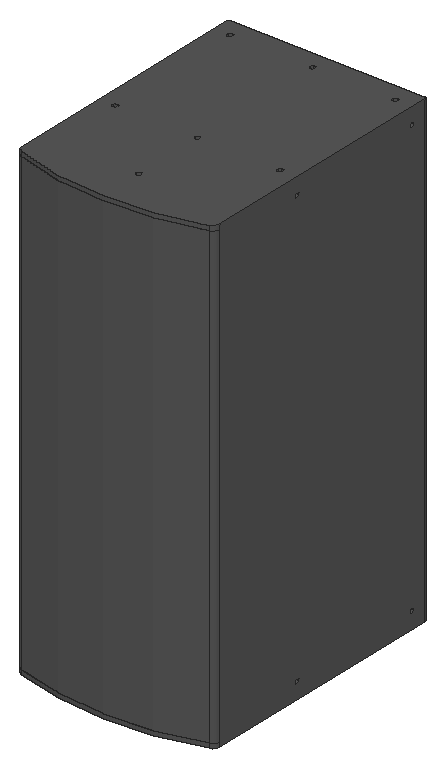
Revit family "1Electronics_Community_Biamp_Subwoofer_IS6-215", category Communication Devices, host Face, Revit 2020
Family settings
  Host = Face
  Maintain Annotation Orientation = No
  Round Connector Dimension = Use Diameter
  Part Type = Normal
  OmniClass Number = 23.85.10.11.14.14.14
  OmniClass Title = Loudspeakers
  Cut with Voids When Loaded = No
  Shared = No
  Room Calculation Point = No
Parameters (values of type "IS6-215 B")
  Width = 16.50"  # constant formula
  Weight = 126.00 lbf  # constant formula
  URL = "https://www.biamp.com/"
  Transducers = "2 x 15 (381mm) double-treated cones with 4 (102mm) inner/outer wound voice coil, ferrite construction"  # constant formula
  Shipping Weight = 147.00 lbf  # constant formula
  Recommended Amplifiers = "Single Amp - 1400W - 2800W @ 4 ohms,  (75V - 106V); Dual Amp - 700W - 1400W @ 8 ohms,  (75V - 106V) (each driver)"  # constant formula
  Product data url = "https://bimobject.com/biamp/product/is6-215_community-subwoofer"
  Product Page URL = "https://www.biamp.com/products/product-families/community/community-subwoofers#is6-215"
  Product Documentation Link = "https://downloads.biamp.com/assets/docs/default-source/data-sheets/biamp_data_sheet_community_is6-215.pdf"
  Operating Range = "37 Hz to 145 Hz  "  # constant formula
  Operating Mode = "Single or Dual Amp"  # constant formula
  Operating Environment = "Indoor"  # constant formula
  Nominal Sensitivity = "Half Space - 1W: 105 dB - 2.83V: 108 dB; Whole Space - 1W: 99 dB - 2.83V: 102 dB"  # constant formula
  Nominal Maximum SPL = "Half Space - Peak: 142 dB - Continuous: 136 dB; Whole Space - Peak: 136 dB - Continuous: 130 dB"  # constant formula
  Mounting Points = "(24) M10 threaded rigging points"  # constant formula
  Model = "IS6-215 B"
  Manufacturer = "Biamp"  # constant formula
  Input Connection = "Screw terminal blocks (4-position)"  # constant formula
  Housing Material = Biamp - Plastic - Black
  Height = 39.00"  # constant formula
  Grill Material = Biamp - Plastic - Black(Grid)
  Equalized Sensitivity = "Half Space - 1W: 102 dB - 2.83V: 105 dB; Whole Space - 1W: 96 dB - 2.83V: 99 dB"  # constant formula
  Equalized Maximum SPL = "Half Space - Peak: 139 dB - Continuous: 133 dB; Whole Space - Peak: 133 dB - Continuous: 127 dB"  # constant formula
  Environmental = "Outdoor: IP55W per IEC 60529, MIL-STD-810G"  # constant formula
  Description = "IS6-215 Medium Power Dual 15-Inch Subwoofer"  # constant formula
  Depth = 23.35"  # constant formula
  Default Elevation = 48.00"
  Continuous Power Handling  Nominal Impedance = "Single Amp - 75V, 1400W @ 4 ohms (5600W peak); Dual Amp - 75V, 700W @ 8 ohms (2800W peak) (each); "  # constant formula
Types (3): name | Model | Housing Material | Grill Material
  (no name) | "IS6-215 B" | Biamp - Plastic - Black | Biamp - Plastic - Black(Grid)
  IS6-215 B | "IS6-215 B" | Biamp - Plastic - Black | Biamp - Plastic - Black(Grid)
  IS6-215 W | "IS6-215 W" | Biamp - Plastic - White | Biamp - Plastic - White(Grid)
Reference planes (in)
  plane 1 "Center (Front/Back)": y = 0
  plane 2: z = 0
  plane 3 "Center (Left/Right)": x = 0
  plane 4: y = 11.675
  plane 5: y = -11.675
  plane 6: x = -8.25
  plane 7: x = 8.25
  plane 8: z = 39
  plane 9: z = 19.5
  plane 10: x = -7.875
  plane 11: y = 11.3
  plane 12: y = 11.4875
  plane 13: z = 38.625
  plane 14: z = 0.375
  plane 15: x = 7.875
  plane 16: y = -9.875
Forms (in)
  Extrusion 1, void
    sketch origin (0, 0, 0) x (1, 0, 0) y (0, 1, 0)
      loop
        circle (0, 10.115) r 0.21654
      loop
        circle (-6.87, 10.115) r 0.21654
      loop
        circle (6.87, 10.115) r 0.21654
      loop
        circle (0, -1.855) r 0.21654
      loop
        circle (-6.87, -1.855) r 0.21654
      loop
        circle (6.87, -1.855) r 0.21654
      loop
        circle (0, -7.975) r 0.21654
    from 38.625 to 39
  Extrusion 2, void
    sketch origin (0, 0, 0) x (0, 1, 0) y (0, 0, 1)
      loop
        circle (10.115, 1.38) r 0.21654
      loop
        circle (10.115, 37.63) r 0.21654
      loop
        circle (-1.855, 1.38) r 0.21654
      loop
        circle (-1.855, 37.63) r 0.21654
    from 7.875 to 8.25
  Extrusion 3, void
    sketch origin (0, 0, 0) x (1, 0, 0) y (0, 0, 1)
      loop
        circle (0, 37.62) r 0.21654
      loop
        circle (0, 1.38) r 0.21654
      loop
        line (2.005, 13.38) -> (-2.005, 13.38)
        arc (-2.005, 13.38) -> (-2.09339, 13.34339) -> (-2.13, 13.255) r 0.125
        line (-2.13, 13.255) -> (-2.13, 6.445)
        arc (-2.13, 6.445) -> (-2.09339, 6.35661) -> (-2.005, 6.32) r 0.125
        line (-2.005, 6.32) -> (2.005, 6.32)
        arc (2.005, 6.32) -> (2.09339, 6.35661) -> (2.13, 6.445) r 0.125
        line (2.13, 6.445) -> (2.13, 13.255)
        arc (2.13, 13.255) -> (2.09339, 13.34339) -> (2.005, 13.38) r 0.125
    from -11.675 to -11.3
  Extrusion 4, solid, material "Biamp - Plastic - Black" <- "Housing Material", detail levels medium+fine
    sketch origin (0, 0, -2.8) x (1, 0, 0) y (0, 0, 1)
      loop
        line (-0.5, 15.18) -> (-0.5, 14.93) -> (0.5, 14.93) -> (0.5, 15.18) -> (-0.5, 15.18)
      loop
        line (-0.5, 14.18) -> (-0.5, 13.93) -> (0.5, 13.93) -> (0.5, 14.18) -> (-0.5, 14.18)
    from -11.4875 to -11.3
  Extrusion 5, void
    sketch origin (0, 0, -19.42578) x (0, -1, 0) y (1, 0, 0)
      loop
        circle (-10.115, -6.87) r 0.21654
      loop
        circle (-10.115, 0) r 0.21654
      loop
        circle (-10.115, 6.87) r 0.21654
      loop
        circle (1.855, -6.87) r 0.21654
      loop
        circle (1.855, 0) r 0.21654
      loop
        circle (1.855, 6.87) r 0.21654
      loop
        circle (7.975, 0) r 0.21654
    from 19.42578 to 19.80078
  Extrusion 6, solid, material "Biamp - Plastic - Black" <- "Housing Material", detail levels medium+fine
    sketch origin (0, 0, 0) x (1, 0, 0) y (0, 1, 0)
      loop
        arc (7.81389, -10.39566) -> (8.10524, -10.19672) -> (8.25, -9.875) r 0.65086
        line (8.25, -9.875) -> (8.25, 11.46673)
        arc (8.25, 11.46673) -> (8.189, 11.614) -> (8.04173, 11.675) r 0.20827
        line (8.04173, 11.675) -> (-8.09375, 11.675)
        arc (-8.09375, 11.675) -> (-8.20424, 11.62924) -> (-8.25, 11.51875) r 0.15625
        line (-8.25, 11.51875) -> (-8.25, -9.875)
        arc (-8.25, -9.875) -> (-8.10524, -10.19672) -> (-7.81389, -10.39566) r 0.65086
        arc (-7.81389, -10.39566) -> (0, -11.67523) -> (7.81389, -10.39566) r 24.49797
    from 0 to 39
  Extrusion 7, solid, material "Biamp - Plastic - Black" <- "Housing Material", detail levels coarse
    sketch origin (0, 0, 0) x (1, 0, 0) y (0, 1, 0)
      loop
        line (8.25, -9.875) -> (8.25, 11.46673)
        arc (8.25, 11.46673) -> (8.189, 11.614) -> (8.04173, 11.675) r 0.20827
        line (8.04173, 11.675) -> (-8.09375, 11.675)
        arc (-8.09375, 11.675) -> (-8.20424, 11.62924) -> (-8.25, 11.51875) r 0.15625
        line (-8.25, 11.51875) -> (-8.25, -9.875)
        arc (-8.25, -9.875) -> (-8.10524, -10.19672) -> (-7.81389, -10.39566) r 0.65086
        arc (-7.81389, -10.39566) -> (0, -11.67523) -> (7.81389, -10.39566) r 24.49797
        arc (7.81389, -10.39566) -> (8.10524, -10.19672) -> (8.25, -9.875) r 0.65086
    from 0 to 39
  Extrusion 8, solid, material "Biamp - Plastic - Black(Grid)" <- "Grill Material", detail levels medium+fine
    sketch origin (0, 0, 0) x (1, 0, 0) y (0, 1, 0)
      loop
        arc (7.81389, -10.39566) -> (8.10524, -10.19672) -> (8.25, -9.875) r 0.65086
        line (8.25, -9.875) -> (-8.25, -9.875)
        arc (-8.25, -9.875) -> (-8.10524, -10.19672) -> (-7.81389, -10.39566) r 0.65086
        arc (-7.81389, -10.39566) -> (0, -11.67523) -> (7.81389, -10.39566) r 24.49797
    from 0.375 to 38.625
  Extrusion 9, void
    sketch origin (0, 0, 0) x (1, 0, 0) y (0, 1, 0)
      loop
        line (-9.25, -9.875) -> (-9.25, -12.3237) -> (8.74035, -12.3237) -> (8.74035, -9.875) -> (-9.25, -9.875)
    from 0.375 to 38.625
  Extrusion 10, void
    sketch origin (0, 0, 0) x (0, 1, 0) y (0, 0, -1)
      loop
        circle (10.115, -1.38) r 0.21654
      loop
        circle (10.115, -37.63) r 0.21654
      loop
        circle (-1.855, -1.38) r 0.21654
      loop
        circle (-1.855, -37.63) r 0.21654
    from 7.875 to 8.25
Cuts and joins
  Extrusion 1, Extrusion 2, Extrusion 3, Extrusion 5, Extrusion 9, Extrusion 10 cuts Extrusion 6
  Extrusion 10 cuts Extrusion 7
Lines and regions (in)
  Masking region 1
    outline origin (0, 0, 0) x (1, 0, 0) y (0, 0, 1)
      loop
        line (-8.25006, 39) -> (-8.25006, 0) -> (8.25006, 0) -> (8.25006, 39) -> (-8.25006, 39)
  Masking region 2
    outline origin (0, 0, 0) x (0, 1, 0) y (0, 0, 1)
      loop
        line (-11.675, 39) -> (-11.675, 0) -> (11.675, 0) -> (11.675, 39) -> (-11.675, 39)
  Masking region 3
    outline origin (0, 0, 0) x (1, 0, 0) y (0, 1, 0)
      loop
        arc (7.81389, -10.39566) -> (8.10524, -10.19672) -> (8.25, -9.875) r 0.65086
        line (8.25, -9.875) -> (8.25, 11.46673)
        arc (8.25, 11.46673) -> (8.189, 11.614) -> (8.04173, 11.675) r 0.20827
        line (8.04173, 11.675) -> (-8.09375, 11.675)
        arc (-8.09375, 11.675) -> (-8.20424, 11.62924) -> (-8.25, 11.51875) r 0.15625
        line (-8.25, 11.51875) -> (-8.25, -9.875)
        arc (-8.25, -9.875) -> (-8.10524, -10.19672) -> (-7.81389, -10.39566) r 0.65086
        arc (-7.81389, -10.39566) -> (0, -11.67523) -> (7.81389, -10.39566) r 24.49797
  symbolic lines
    curve 1: arc (-6.65346, 10.115, 0) -> (-6.87, 9.89846, 0) -> (-7.08654, 10.115, 0) r 0.21654
    curve 2: arc (-7.08654, 10.115, 0) -> (-6.87, 10.33154, 0) -> (-6.65346, 10.115, 0) r 0.21654
    curve 3: arc (0.21654, 10.115, 0) -> (0, 9.89846, 0) -> (-0.21654, 10.115, 0) r 0.21654
    curve 4: arc (-0.21654, 10.115, 0) -> (0, 10.33154, 0) -> (0.21654, 10.115, 0) r 0.21654
    curve 5: arc (6.65346, 10.115, 0) -> (6.87, 9.89846, 0) -> (7.08654, 10.115, 0) r 0.21654
    curve 6: arc (7.08654, 10.115, 0) -> (6.87, 10.33154, 0) -> (6.65346, 10.115, 0) r 0.21654
    curve 7: arc (-6.65346, -1.855, 0) -> (-6.87, -2.07154, 0) -> (-7.08654, -1.855, 0) r 0.21654
    curve 8: arc (-7.08654, -1.855, 0) -> (-6.87, -1.63846, 0) -> (-6.65346, -1.855, 0) r 0.21654
    curve 9: arc (0.21654, -1.855, 0) -> (0, -2.07154, 0) -> (-0.21654, -1.855, 0) r 0.21654
    curve 10: arc (-0.21654, -1.855, 0) -> (0, -1.63846, 0) -> (0.21654, -1.855, 0) r 0.21654
    curve 11: arc (6.65346, -1.855, 0) -> (6.87, -2.07154, 0) -> (7.08654, -1.855, 0) r 0.21654
    curve 12: arc (7.08654, -1.855, 0) -> (6.87, -1.63846, 0) -> (6.65346, -1.855, 0) r 0.21654
    curve 13: arc (0.21654, -7.975, 0) -> (0, -8.19154, 0) -> (-0.21654, -7.975, 0) r 0.21654
    curve 14: arc (-0.21654, -7.975, 0) -> (0, -7.75846, 0) -> (0.21654, -7.975, 0) r 0.21654
Dimensions and locks (in)
  equal spacing: plane 5, plane 1 "Center (Front/Back)", plane 4
  "Depth": plane 4 to plane 5
  equal spacing: plane 6, plane 3 "Center (Left/Right)", plane 7
  "Width": plane 6 to plane 7
  "Height": plane 8 to plane 2
  equal spacing: plane 8, plane 9, plane 2
  plane 6 to plane 10 = 0.375"
  locked: plane 11 to plane 4 at 0.375
  equal spacing: plane 11, plane 12, plane 4
  locked: plane 8 to plane 13 at 0.375
  locked: plane 14 to plane 2 at 0.375
  locked: plane 15 to plane 7 at 0.375
  locked: plane 16 to plane 5 at 1.8
  aligned and locked: plane 2 to host face
  aligned and locked: level to host face
  aligned and locked: plane 8 to Extrusion 1
  aligned and locked: plane 7 to Extrusion 2
  aligned and locked: Extrusion 3 to plane 4
  aligned and locked: plane 8 to Extrusion 6
  aligned and locked: Extrusion 6 to plane 2
  aligned and locked: plane 11 to Extrusion 4
  aligned and locked: Extrusion 4 to plane 12
  aligned and locked: plane 15 to Extrusion 2
  aligned and locked: plane 8 to Extrusion 7
  aligned and locked: Extrusion 7 to plane 2
  aligned and locked: plane 13 to Extrusion 8
  aligned and locked: plane 14 to Extrusion 8
  aligned and locked: plane 13 to Extrusion 9
Automatic sketch dimensions
  host sketch curve to host sketch curve = 96.00"  (x2)
  Extrusion 4 sketch curve to plane 3 "Center (Left/Right)" = 0.50"  (x2)
  plane 3 "Center (Left/Right)" to Extrusion 4 sketch curve = 0.50"  (x2)
  Extrusion 4 sketch curve to plane 9 = 8.37"
  Extrusion 4 sketch curve to Extrusion 4 sketch curve = 0.25"  (x2)
  Extrusion 4 sketch curve to Extrusion 4 sketch curve = 0.75"
  curve 1 to curve 2 = 0.00"  (x2)
  curve 3 to curve 4 = 0.00"  (x2)
  curve 5 to curve 6 = 0.00"  (x2)
  curve 7 to curve 8 = 0.00"  (x2)
  curve 9 to curve 10 = 0.00"  (x2)
  curve 11 to curve 12 = 0.00"  (x2)
  curve 13 to curve 14 = 0.00"  (x2)
  curve 10 to plane 3 "Center (Left/Right)" = 0.00"
  curve 13 to plane 3 "Center (Left/Right)" = 0.00"
  curve 3 to plane 3 "Center (Left/Right)" = 0.00"
  plane 10 to curve 7 = 1.005"
  plane 10 to curve 1 = 1.005"
  plane 15 to curve 5 = 1.005"
  plane 15 to curve 11 = 1.005"
  plane 16 to curve 14 = 1.90"
  plane 1 "Center (Front/Back)" to curve 12 = 1.855"
  plane 1 "Center (Front/Back)" to curve 10 = 1.855"
  plane 1 "Center (Front/Back)" to curve 7 = 1.855"
  plane 11 to curve 6 = 1.185"
  plane 11 to curve 4 = 1.185"
  plane 11 to curve 2 = 1.185"
  curve 10 to curve 9 = 0.21654"
  curve 3 to curve 3 = 0.21654"
  curve 13 to curve 13 = 0.21654"
  curve 7 to curve 7 = 0.21654"
  curve 1 to curve 1 = 0.21654"
  curve 5 to curve 5 = 0.21654"
  curve 11 to curve 11 = 0.21654"
  Extrusion 1 sketch curve to plane 3 "Center (Left/Right)" = 0.00"  (x3)
  plane 10 to Extrusion 1 sketch curve = 1.005"  (x2)
  plane 15 to Extrusion 1 sketch curve = 1.005"  (x2)
  plane 16 to Extrusion 1 sketch curve = 1.90"
  plane 1 "Center (Front/Back)" to Extrusion 1 sketch curve = 1.855"  (x3)
  plane 11 to Extrusion 1 sketch curve = 1.185"  (x3)
  Extrusion 3 sketch curve to plane 3 "Center (Left/Right)" = 0.00"  (x2)
  Extrusion 3 sketch curve to plane 3 "Center (Left/Right)" = 2.005"  (x2)
  Extrusion 3 sketch curve to Extrusion 3 sketch curve = 0.125"  (x2)
  plane 3 "Center (Left/Right)" to Extrusion 3 sketch curve = 2.005"  (x2)
  Extrusion 3 sketch curve to plane 14 = 1.005"
  Extrusion 3 sketch curve to Extrusion 3 sketch curve = 4.94"
  Extrusion 3 sketch curve to plane 9 = 6.245"
  Extrusion 3 sketch curve to plane 13 = 1.005"
  Extrusion 5 sketch curve to Extrusion 5 sketch curve = 0.00"  (x14)
  Extrusion 5 sketch curve to plane 3 "Center (Left/Right)" = 0.00"  (x3)
  plane 11 to Extrusion 5 sketch curve = 1.185"  (x3)
  plane 1 "Center (Front/Back)" to Extrusion 5 sketch curve = 1.855"  (x3)
  plane 16 to Extrusion 5 sketch curve = 1.90"
  plane 10 to Extrusion 5 sketch curve = 1.005"  (x2)
  plane 15 to Extrusion 5 sketch curve = 1.005"  (x2)
  Extrusion 5 sketch curve to Extrusion 5 sketch curve = 0.21654"  (x7)
  Masking region 1 sketch curve to level = 0.00"
  Masking region 1 sketch curve to plane 8 = 0.00"
  Masking region 1 sketch curve to plane 6 = 0.00006"
  plane 7 to Masking region 1 sketch curve = 0.00006"
  Masking region 2 sketch curve to level = 0.00"
  Masking region 2 sketch curve to plane 5 = 0.00"
  Masking region 2 sketch curve to plane 4 = 0.00"
  Masking region 2 sketch curve to plane 8 = 0.00"
  Extrusion 9 sketch curve to plane 16 = 0.00"
  Extrusion 9 sketch curve to plane 6 = 1.00"
  plane 7 to Extrusion 9 sketch curve = 0.49035"
  Extrusion 9 sketch curve to plane 5 = 0.6487"
  plane 1 "Center (Front/Back)" to Extrusion 10 sketch curve = 1.855"  (x2)
  plane 11 to Extrusion 10 sketch curve = 1.185"  (x2)
  Extrusion 10 sketch curve to plane 13 = 0.995"  (x2)
  Extrusion 10 sketch curve to plane 14 = 1.005"  (x2)
  plane 1 "Center (Front/Back)" to Extrusion 2 sketch curve = 1.855"  (x2)
  plane 11 to Extrusion 2 sketch curve = 1.185"  (x2)
  Extrusion 2 sketch curve to plane 14 = 1.005"  (x2)
  Extrusion 2 sketch curve to plane 13 = 0.995"  (x2)
  Extrusion 7 sketch curve to plane 6 = 0.00"
  plane 4 to Extrusion 7 sketch curve = 0.00"
  Extrusion 7 sketch curve to plane 3 "Center (Left/Right)" = 0.00"
  Extrusion 7 sketch curve to plane 7 = 0.00"
  Extrusion 7 sketch curve to plane 16 = 0.00"  (x2)
  Extrusion 7 sketch curve to plane 12 = 0.03125"
  plane 16 to Extrusion 7 sketch curve = 0.09621"  (x2)
  plane 15 to Extrusion 7 sketch curve = 0.26871"
  plane 12 to Extrusion 7 sketch curve = 0.02077"
  Extrusion 7 sketch curve to Extrusion 7 sketch curve = 0.00"  (x2)
  plane 15 to Extrusion 7 sketch curve = 0.06111"
  Masking region 3 sketch curve to plane 6 = 0.00"
  plane 4 to Masking region 3 sketch curve = 0.00"
  Masking region 3 sketch curve to plane 3 "Center (Left/Right)" = 0.00"
  Masking region 3 sketch curve to plane 7 = 0.00"
  Masking region 3 sketch curve to plane 16 = 0.00"  (x2)
  plane 6 to Masking region 3 sketch curve = 0.15625"
  plane 16 to Masking region 3 sketch curve = 0.09621"  (x2)
  plane 10 to Masking region 3 sketch curve = 0.26871"
  plane 15 to Masking region 3 sketch curve = 0.26871"
  plane 12 to Masking region 3 sketch curve = 0.02077"
  Masking region 3 sketch curve to plane 4 = 1.14774"
  Masking region 3 sketch curve to Masking region 3 sketch curve = 0.00"
  Extrusion 6 sketch curve to plane 6 = 0.00"
  plane 4 to Extrusion 6 sketch curve = 0.00"
  Extrusion 6 sketch curve to plane 3 "Center (Left/Right)" = 0.00"
  Extrusion 6 sketch curve to plane 7 = 0.00"
  Extrusion 6 sketch curve to plane 16 = 0.00"  (x2)
  plane 6 to Extrusion 6 sketch curve = 0.15625"
  plane 16 to Extrusion 6 sketch curve = 0.09621"  (x2)
  plane 10 to Extrusion 6 sketch curve = 0.26871"
  plane 15 to Extrusion 6 sketch curve = 0.26871"
  plane 12 to Extrusion 6 sketch curve = 0.02077"
  Extrusion 6 sketch curve to plane 4 = 1.14774"
  Extrusion 6 sketch curve to Extrusion 6 sketch curve = 0.00"
  Extrusion 8 sketch curve to plane 6 = 0.00"
  Extrusion 8 sketch curve to plane 3 "Center (Left/Right)" = 0.00"
  Extrusion 8 sketch curve to plane 7 = 0.00"
  Extrusion 8 sketch curve to plane 16 = 0.00"
  plane 16 to Extrusion 8 sketch curve = 0.09621"  (x2)
  plane 10 to Extrusion 8 sketch curve = 0.26871"
  plane 15 to Extrusion 8 sketch curve = 0.26871"
  Extrusion 8 sketch curve to plane 4 = 1.14774"
  Extrusion 8 sketch curve to Extrusion 8 sketch curve = 0.00"
  radius of Extrusion 1 sketch curve = 0.21654"  (x7)
  radius of Extrusion 3 sketch curve = 0.21654"  (x2)
  radius of Extrusion 10 sketch curve = 0.21654"  (x4)
  radius of Extrusion 2 sketch curve = 0.21654"  (x4)
Connectors (in)
  electrical at (0.25, 11.4875, 12.25539)
    settings: on Extrusion 4, index 1, voltage 0 V, apparent load 0 VA, apparent load phase1 0 VA, apparent load phase2 0 VA, apparent load phase3 0 VA, power factor 1, load classification "Other", number of poles 1, system type 5, power factor state 1, is connector primary yes, connector utility no, sub classification motor no, connector description "Screw terminal blocks; LF 1"
  electrical at (0.25, 11.4875, 11.25539)
    settings: on Extrusion 4, index 2, voltage 0 V, apparent load 0 VA, apparent load phase1 0 VA, apparent load phase2 0 VA, apparent load phase3 0 VA, power factor 1, load classification "Other", number of poles 1, system type 5, power factor state 1, is connector primary no, connector utility no, sub classification motor no, connector description "Screw terminal blocks; LF 2"
  electrical at (-0.25, 11.4875, 12.25539)
    settings: on Extrusion 4, index 3, voltage 0 V, apparent load 0 VA, apparent load phase1 0 VA, apparent load phase2 0 VA, apparent load phase3 0 VA, power factor 1, load classification "Other", number of poles 1, system type 5, power factor state 1, is connector primary no, connector utility no, sub classification motor no, connector description "Screw terminal blocks; LF 1"
  electrical at (-0.25, 11.4875, 11.25539)
    settings: on Extrusion 4, index 4, voltage 0 V, apparent load 0 VA, apparent load phase1 0 VA, apparent load phase2 0 VA, apparent load phase3 0 VA, power factor 1, load classification "Other", number of poles 1, system type 5, power factor state 1, is connector primary no, connector utility no, sub classification motor no, connector description "Screw terminal blocks; LF 2"
